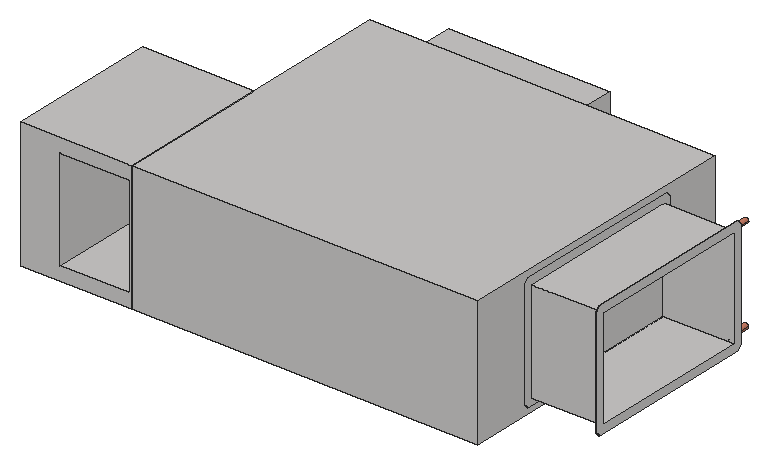
Revit family
Parameters
  Width = 3' - 1"
  Voltage = 277 V
  Unit Weight = if(and(Size Option = 1, Number of Rows = 1), "189.0 lbs", if(and(Size Option = 1, Number of Rows = 2), "192.0 lbs", if(and(Size Option = 2, Number of Rows = 1), "194.0 lbs", if(and(Size Option = 2, Number of Rows = 2), "197.0 lbs", "0"))))  # "189.0 lbs"
  UltraLoc Liner = Choose Liner Option = 3  # no
  URL = "http://www.titus-hvac.com/"
  UL = "181"
  Supply Air Flow [instance] = 0 CFM
  SteriLoc Liner = Choose Liner Option = 2  # no
  Size Option = 1
  Size C = Size Option = 2  # no
  Size B = Size Option = 1  # yes
  Secondary Material = Copper Connectors
  Primary Air Pressure Drop [instance] = 0.00 in-wg
  Primary Air Flow [instance] = 0 CFM
  Pressure [instance] = 0.00 psi
  Plenum Air Pressure Drop [instance] = 0.00 in-wg
  Plenum Air Flow [instance] = 0 CFM
  Outlet Width = 1' - 8 1/2"
  Outlet Height = 1' - 0 1/2"
  Number of Rows = 1
  Number of Poles = 1
  Nominal Width = Width + 0' 6 1/4"  # 3' - 7 1/4"
  Nominal Length = Length + 1' 1 7/8" + 0' 9"  # 5' - 5 7/8"
  Nominal Inlet Size = 0' - 10"
  Nominal Height = 1' - 4"
  NFPA = "90A"
  Motor Full Load Amps [instance] = 0.8 A
  Model = "DTFS-F"
  Min. Air Flow = 0 CFM
  Max. Air Flow = 1400 CFM
  Material = Galvanized Steel
  Manufacturer = "Titus"
  Length = 3' - 7"
  Juction Box Offset = 0' - 4 7/8"
  Inlet Diameter = Nominal Inlet Size - 0' 0 1/8"  # 0' - 9 7/8"
  Induced Air Inlet Width = 1' - 1 7/8"
  Induced Air Inlet Offset = (Height - Induced Air Inlet Connection Height) / 2  # 0' - 1 11/16"
  Induced Air Inlet Height = 1' - 7"
  Induced Air Inlet Connection Width = 0' - 8 3/4"
  Induced Air Inlet Connection Height = 1' - 0 5/8"
  Induced Air Filter = no
  Height = 1' - 4"
  Heating Total Capacity [instance] = 0 Btu/h
  Heating Entering Water Temp = 0 °F
  Half Outlet Connection Width = Outlet Width / 2  # 0' - 10 1/4"
  Half Outlet Connection Height = Outlet Height / 2  # 0' - 6 1/4"
  Half Height Start = -(Height / 2)  # -0' - 8"
  Half Height End = Height / 2  # 0' - 8"
  HWC Option = HWC Section : B-C - 1 Row
  HWC Connector Radius = 5/16"
  HP-Motor = "1/6"
  Gallons Per Minute [instance] = 0 GPM
  Frequency = 60 Hz
  Flange Offset = 0' - 1"
  Filter Size = "11\"x14\""
  Fiber Free Liner = Choose Liner Option = 1  # no
  Fan Disconnect Switch = no
  Duct Radius = Nominal Inlet Size / 2  # 0' - 5"
  Description = "Ultra Quiet Series Fan Powered Terminal Unit, Direct Digital Control, Pressure Independent"
  Connector Vertical Offset = 0' - 11 3/4"
  HWC Connector Length = 0' - 3"
  Connector Horizontal Offset = if(Number of Rows = 1, 0' 0", if(Number of Rows = 2, 0' 1", 0' 0"))  # 0' - 0"
  Connection Void Radius = Connection Radius - 0' 0 1/4"  # 0' - 4 11/16"
  Connection Radius = Inlet Diameter / 2  # 0' - 4 15/16"
  Choose Liner Option = 0
  CADworks URL = "www.CADworks.net"
  Assembly Code = "D3040100"
  Apparent Power [instance] = Voltage * Motor Full Load Amps  # 221.6 VA
  Air Inlet Offset = 0' - 7"
  1/2" Fiberglass Liner = Choose Liner Option = 0  # yes
  1" Fiberglass Liner = Choose Liner Option = 4  # no
Reference planes (in)
  plane 1 "Center (Front/Back)": y = 0
  plane 2: z = 0
  plane 3 "Center (Left/Right)": x = 3
  plane 4: x = -18.5
  plane 5: x = 24.5
  plane 6: x = -13.625
  plane 7: x = -21.875
  plane 8: z = 0
  plane 9: y = -18.5
  plane 10: y = 18.5
  plane 11: y = 11.5
  plane 12: z = 0
  plane 13: x = 33.5
  plane 14: x = 32.5
  plane 15: y = 13.25
  plane 16: y = 10.25
  plane 17: z = 5.875
  plane 18: z = -5.875
  plane 19: x = 32.5
  plane 20: z = 8
  plane 21: z = -8
  plane 22: y = 24.75
  plane 23: x = -32.375
Forms (in)
  Extrusion 1, solid, material "Galvanized Steel" <- "Material"
    sketch origin (0, 0, 0) x (1, 0, 0) y (0, 1, 0)
      loop
        line (-18.5, 18.5) -> (-18.5, -18.5) -> (24.5, -18.5) -> (24.5, 18.5) -> (-18.5, 18.5)
    from -8 <- "Half Height Start" to 8 <- "Half Height End"
  Extrusion 2, solid, material "Galvanized Steel" <- "Material"
    sketch origin (0, 0, 0) x (1, 0, 0) y (0, 1, 0)
      loop
        line (-32.375, 0.5) -> (-32.375, -18.5) -> (-18.5, -18.5) -> (-18.5, 0.5) -> (-32.375, 0.5)
    from -8 <- "Half Height Start" to 8 <- "Half Height End"
  Extrusion 3, void
    sketch origin (0, -18.5, 0) x (1, 0, 0) y (0, 0, -1)
      loop
        line (-18.75, 6.3125) -> (-27.5, 6.3125) -> (-27.5, -6.3125) -> (-18.75, -6.3125) -> (-18.75, 6.3125)
    from 0 to 16
  Extrusion 4, solid, material "Galvanized Steel" <- "Material"
    sketch origin (5, 0, 30) x (1, 0, 0) y (0, 1, 0)
      loop
        line (-18.625, 18.5) -> (1.375, 18.5) -> (1.375, 24.75) -> (-18.625, 24.75) -> (-18.625, 18.5)
    from -36 to -24
  Extrusion 5, solid, material "Galvanized Steel" <- "Material"
    sketch origin (-24.875, -2, 0) x (0, 0, -1) y (0, 1, 0)
      loop
        circle (0, 13.5) r 4.9375
    from 3 to 6.375
  Extrusion 6, void
    sketch origin (-24.875, 0, 0) x (0, 1, 0) y (0, 0, 1)
      loop
        circle (11.5, 0) r 4.6875
    from 3 to 11.25
  Extrusion 7, void, detail levels fine
    sketch origin (33.5, -10.25, 6.25) x (0, 0, 1) y (0, -1, 0)
      loop
        line (-12.5, 0) -> (-12.5, -20.5) -> (0, -20.5) -> (0, 0) -> (-12.5, 0)
    from -0.0625 to 0
  Extrusion 8, solid, material "Copper Connectors" <- "Secondary Material", detail levels fine
    sketch origin (0, 0, 0) x (1, 0, 0) y (0, 0, 1)
      loop
        circle (32.5, 5.875) r 0.3125
    from -13.25 to -10.3125
  Extrusion 9, solid, material "Copper Connectors" <- "Secondary Material", detail levels fine
    sketch origin (0, 0, 0) x (1, 0, 0) y (0, 0, 1)
      loop
        circle (32.5, -5.875) r 0.3125
    from -13.25 to -10.3125
Cuts and joins
  Extrusion 3 cuts Extrusion 2
  Extrusion 6 cuts Extrusion 1
  Extrusion 6 cuts Extrusion 5
Dimensions and locks (in)
  "Length": plane 5 to plane 4
  equal spacing: plane 5, plane 3 "Center (Left/Right)", plane 4
  locked: Extrusion 4 to plane 6 at 0
  locked: Extrusion 4 to Extrusion 4 at 20
  "Juction Box Offset": plane 6 to plane 4
  locked: plane 4 to plane 7 at 3.375
  "Width": plane 9 to plane 10
  equal spacing: plane 9, plane 1 "Center (Front/Back)", plane 10
  locked: Extrusion 5 sketch curve to level at 0
  locked: Extrusion 5 sketch curve to plane 11 at 0
  locked: Extrusion 6 sketch curve to level at 0
  locked: Extrusion 6 sketch curve to plane 11 at 0
  locked: Extrusion 4 to Extrusion 4 at 6.25
  locked: Extrusion 4 to Extrusion 4 at 12
  equal spacing: Extrusion 4, plane 8, Extrusion 4
  "Air Inlet Offset": plane 10 to plane 11
  "Induced Air Inlet Height": cut or joined group of Extrusion 2, Extrusion 3 to cut or joined group of Extrusion 2, Extrusion 3
  locked: cut or joined group of Extrusion 5, Extrusion 6 to cut or joined group of Extrusion 5, Extrusion 6 at 3.375
  "Induced Air Inlet Connection Height": Extrusion 3 sketch curve to Extrusion 3 sketch curve
  "Induced Air Inlet Offset": Extrusion 3 sketch curve to cut or joined group of Extrusion 2, Extrusion 3
  "Induced Air Inlet Connection Width": Extrusion 3 sketch curve to Extrusion 3 sketch curve
  locked: Extrusion 3 sketch curve to cut or joined group of Extrusion 1, Extrusion 6 at 0.25
  locked: plane 5 to plane 13 at 9
  locked: plane 14 to plane 13 at 1
  locked: plane 17 to plane 18 at 11.75
  equal spacing: plane 17, plane 12, plane 18
  "Connector Horizontal Offset": plane 19 to plane 14
  "HWC Connector Length": plane 16 to plane 15
  locked: cut or joined group of Extrusion 2, Extrusion 3 to cut or joined group of Extrusion 2, Extrusion 3 at 16
  equal spacing: cut or joined group of Extrusion 2, Extrusion 3, plane 12, cut or joined group of Extrusion 2, Extrusion 3
  locked: cut or joined group of Extrusion 1, Extrusion 6 to cut or joined group of Extrusion 2, Extrusion 3 at 16
  equal spacing: cut or joined group of Extrusion 1, Extrusion 6, plane 12, cut or joined group of Extrusion 1, Extrusion 6
  locked: cut or joined group of Extrusion 2, Extrusion 3 to cut or joined group of Extrusion 2, Extrusion 3 at 13.875
  locked: nested 1 to cut or joined group of Extrusion 1, Extrusion 6 at 1.6875
  locked: cut or joined group of Extrusion 1, Extrusion 6 to nested 1 at 1.6875
  "Connection Radius": radius of Extrusion 5 sketch curve
  "Connection Void Radius": radius of Extrusion 6 sketch curve
  "HWC Connector Radius": radius of Extrusion 8 sketch curve
  "HWC Connector Radius": radius of Extrusion 9 sketch curve
  aligned and locked: plane 10 to Extrusion 4
  aligned and locked: plane 7 to cut or joined group of Extrusion 5, Extrusion 6
  aligned and locked: plane 9 to cut or joined group of Extrusion 2, Extrusion 3  (x3)
  aligned and locked: nested 1 to Extrusion 8
  aligned and locked: plane 15 to Extrusion 8
  aligned and locked: nested 1 to Extrusion 9
  aligned and locked: plane 15 to Extrusion 9
  aligned and locked: plane 5 to cut or joined group of Extrusion 1, Extrusion 6
  aligned and locked: cut or joined group of Extrusion 1, Extrusion 6 to plane 10
  aligned and locked: plane 9 to cut or joined group of Extrusion 1, Extrusion 6
  aligned and locked: cut or joined group of Extrusion 1, Extrusion 6 to plane 4
  aligned and locked: cut or joined group of Extrusion 1, Extrusion 6 to nested 1
  aligned and locked: cut or joined group of Extrusion 5, Extrusion 6 to cut or joined group of Extrusion 1, Extrusion 6
  aligned and locked: cut or joined group of Extrusion 2, Extrusion 3 to cut or joined group of Extrusion 1, Extrusion 6
  aligned and locked: plane 6 to Extrusion 6
  aligned and locked: Extrusion 6 to plane 7
  aligned and locked: plane 22 to Extrusion 4
  aligned and locked: plane 23 to cut or joined group of Extrusion 2, Extrusion 3
  aligned and locked: plane 13 to nested 1
  aligned and locked: plane 20 to cut or joined group of Extrusion 2, Extrusion 3
  aligned and locked: plane 20 to cut or joined group of Extrusion 1, Extrusion 6
  aligned and locked: plane 21 to cut or joined group of Extrusion 2, Extrusion 3
  aligned and locked: plane 21 to cut or joined group of Extrusion 1, Extrusion 6
Automatic sketch dimensions
  Extrusion 1 sketch curve to plane 4 = 0' - 0"
  Extrusion 1 sketch curve to plane 5 = 0' - 0"
  Extrusion 1 sketch curve to plane 9 = 0' - 0"
  Extrusion 1 sketch curve to plane 10 = 0' - 0"
  Extrusion 2 sketch curve to plane 4 = 0' - 0"
  Extrusion 2 sketch curve to plane 9 = 0' - 0"
  Extrusion 2 sketch curve to plane 1 "Center (Front/Back)" = 0' - 0 1/2"
  Extrusion 4 sketch curve to plane 6 = 0' - 0"
  Extrusion 4 sketch curve to plane 10 = 0' - 0"
  plane 3 "Center (Left/Right)" to Extrusion 4 sketch curve = 0' - 3 3/8"
  Extrusion 4 sketch curve to plane 10 = 0' - 6 1/4"
  Extrusion 2 sketch curve to plane 7 = 0' - 10 1/2"
  Extrusion 7 sketch curve to nested 1 = 0' - 0"  (x4)
  Extrusion 8 sketch curve to plane 17 = 0' - 0"
  Extrusion 8 sketch curve to plane 19 = 0' - 0"
  Extrusion 9 sketch curve to plane 14 = 0' - 0"
  Extrusion 9 sketch curve to plane 18 = 0' - 0"
Nested families (in)
  nested 1: "HWC Section" at (29, 0, 0) x (0, 1, 0) z (0, 0, 1), type <- "HWC Option", type "B-C - 1 Row"
Connectors (in)
  electrical at (-3.625, 24.75, 0), driven by "Apparent Power", driven by "Voltage", driven by "Number of Poles"
    settings: on Extrusion 4, index 8
  hvac at (-21.875, 11.5, 0), driven by "Duct Radius", driven by "Primary Air Pressure Drop", driven by "Primary Air Flow"
    settings: on cut or joined group of Extrusion 5, Extrusion 6, index 9
  hvac at (-23.125, -18.5, 0), driven by "Induced Air Inlet Connection Height", driven by "Induced Air Inlet Connection Width", driven by "Plenum Air Pressure Drop", driven by "Plenum Air Flow"
    settings: on cut or joined group of Extrusion 2, Extrusion 3, index 10
  hvac at (33.5, 0, 0), driven by "Outlet Height", driven by "Outlet Width", driven by "Supply Air Flow"
    settings: on Extrusion 7, index 11
  piping at (32.5, 13.25, 5.875), driven by "Gallons Per Minute", driven by "Pressure", driven by "HWC Connector Radius"
    settings: on Extrusion 8, index 12
  piping at (32.5, 13.25, -5.875), driven by "Gallons Per Minute", driven by "HWC Connector Radius", driven by "Pressure"
    settings: on Extrusion 9, index 13
Definition of nested family "HWC Section"
  Parameters (values of type "B-C - 1 Row")
    Visibility = yes
    Secondary Material = Copper Connectors
    Number of Rows = 1
    Material = Galvanized Steel
    Half Width = HWC Width / 2  # 0' - 10 1/4"
    Half Length-Start = -(HWC Length / 2)  # -0' - 4 1/2"
    Half Length-End = HWC Length / 2  # 0' - 4 1/2"
    HWC Connection Radius = 5/16"
    Flange Offset = 0' - 1"
    Duct Vertical Offset = HWC Height - 0' 0 1/2"  # 1' - 0"
    Duct Horizontal Offset = HWC Width - 0' 0 1/2"  # 1' - 8"
    Connector Vertical Offset = 0' - 11 3/4"
    HWC Width = 1' - 8 1/2"
    HWC Height = 1' - 0 1/2"
    HWC Length = 0' - 9"  # constant formula
    Gallons Per Minute = 0 GPM
    Connector Length = 0' - 3"
    Connector Horizontal Offset = 0' - 0"
  Types (5): name | Number of Rows | Half Width | Flange Offset | Duct Vertical Offset | Duct Horizontal Offset | Connector Vertical Offset | HWC Width | HWC Height | Connector Horizontal Offset
    (no name) | 1 | 0' - 10 1/4" | 0' - 1" | 1' - 0" | 1' - 8" | 0' - 11 3/4" | 1' - 8 1/2" | 1' - 0 1/2" | 0' - 0"
    B-C - 1 Row | 1 | 0' - 10 1/4" | 0' - 1" | 1' - 0" | 1' - 8" | 0' - 11 3/4" | 1' - 8 1/2" | 1' - 0 1/2" | 0' - 0"
    B-C - 2 Row | 2 | 0' - 10 1/4" | 0' - 1" | 1' - 0" | 1' - 8" | 0' - 11 3/4" | 1' - 8 1/2" | 1' - 0 1/2" | 0' - 1"
    D-E - 1 Row | 1 | 1' - 0 1/2" | 0' - 1 1/4" | 1' - 5" | 2' - 0 1/2" | 1' - 4 1/4" | 2' - 1" | 1' - 5 1/2" | 0' - 0"
    D-E - 2 Row | 2 | 1' - 0 1/2" | 0' - 1 1/4" | 1' - 5" | 2' - 0 1/2" | 1' - 4 3/4" | 2' - 1" | 1' - 5 1/2" | 0' - 1"
  Reference planes (in)
    plane 1 "Center (Front/Back)": y = 0
    plane 2: z = 0
    plane 3 "Center (Left/Right)": x = 0
    plane 4: x = -10.25
    plane 5: x = 10.25
    plane 6: y = 4.5
    plane 7: y = -4.5
    plane 8: z = 6.25
    plane 9: z = -6.25
    plane 10: z = 5.875
    plane 11: z = -5.875
    plane 12: y = 3.5
    plane 13: y = 3.5
    plane 14: x = 13.25
  Forms (in)
    Extrusion 1, solid, material "Galvanized Steel" <- "Material", visible <- "Visibility"
      sketch origin (0, 0, 0) x (1, 0, 0) y (0, 0, 1)
        loop
          line (-10.3125, 6.3125) -> (-10.3125, -6.3125) -> (10.3125, -6.3125) -> (10.3125, 6.3125) -> (-10.3125, 6.3125)
      from -4.375 <- "Half Length-Start" to 4.5 <- "Half Length-End"
    Extrusion 2, void, detail levels fine
      sketch origin (0, 0, 0) x (1, 0, 0) y (0, 0, 1)
        loop
          line (-10.25, -6.25) -> (10.25, -6.25) -> (10.25, 6.25) -> (-10.25, 6.25) -> (-10.25, -6.25)
      from -4.5 <- "Half Length-Start" to 4.5 <- "Half Length-End"
    Extrusion 3, solid, material "Copper Connectors" <- "Secondary Material", visible <- "Visibility"
      sketch origin (6, 2.625, 0) x (0, 1, 0) y (0, 0, 1)
        loop
          circle (0.875, -5.875) r 0.3125
      from 4.3125 to 7.25
    Extrusion 4, solid, material "Galvanized Steel" <- "Material", visible <- "Visibility"
      sketch origin (0, -4.375, 0) x (1, 0, 0) y (0, 0, 1)
        loop
          line (-10.25, 6.25) -> (-10.25, -6.25) -> (10.25, -6.25) -> (10.25, 6.25) -> (-10.25, 6.25)
        loop
          line (-11.25, 6.75) -> (-11.25, -6.75) -> (-10.75, -7.25) -> (10.75, -7.25) -> (11.25, -6.75) -> (11.25, 6.75) -> (10.75, 7.25) -> (-10.75, 7.25) -> (-11.25, 6.75)
      from 0 to 0.125
    Extrusion 5, solid, material "Copper Connectors" <- "Secondary Material", visible <- "Visibility"
      sketch origin (6, -0.5, 0) x (0, 1, 0) y (0, 0, 1)
        loop
          circle (4, 5.875) r 0.3125
      from 4.3125 to 7.25
    Extrusion 6, solid, material "Galvanized Steel" <- "Material", visible <- "Visibility"
      sketch origin (0, 4.375, 0) x (1, 0, 0) y (0, 0, -1)
        loop
          line (-10.25, -6.25) -> (10.25, -6.25) -> (10.25, 6.25) -> (-10.25, 6.25) -> (-10.25, -6.25)
        loop
          line (-11.25, -6.75) -> (-10.75, -7.25) -> (10.75, -7.25) -> (11.25, -6.75) -> (11.25, 6.75) -> (10.75, 7.25) -> (-10.75, 7.25) -> (-11.25, 6.75) -> (-11.25, -6.75)
      from 0 to 0.125
  Cuts and joins
    Extrusion 2 cuts Extrusion 1
    joined: Extrusion 1, Extrusion 4, Extrusion 6
  Dimensions and locks (in)
    "HWC Width": plane 4 to plane 5
    equal spacing: plane 4, plane 3 "Center (Left/Right)", plane 5
    "HWC Height": plane 8 to plane 9
    equal spacing: plane 8, plane 2, plane 9
    equal spacing: plane 10, plane 2, plane 11
    locked: plane 12 to plane 6 at 1
    "Connector Horizontal Offset": plane 13 to plane 12
    locked: plane 7 to Extrusion 4 at 0.125
    locked: Extrusion 6 to plane 6 at 0.125
    locked: plane 4 to Extrusion 1 sketch curve at 0.0625
    locked: Extrusion 4 to Extrusion 1 sketch curve at 0.0625
    locked: Extrusion 1 sketch curve to plane 8 at 0.0625
    locked: plane 9 to Extrusion 1 sketch curve at 0.0625
    "Connector Length": plane 5 to plane 14
    "HWC Length": plane 6 to plane 7
    equal spacing: plane 6, plane 1 "Center (Front/Back)", plane 7
    "Connector Vertical Offset": plane 10 to plane 11
    equal spacing: plane 10, level, plane 11
    "HWC Width": Extrusion 4 sketch curve to Extrusion 4 sketch curve
    equal spacing: Extrusion 4 sketch curve, plane 3 "Center (Left/Right)", Extrusion 4 sketch curve
    "HWC Height": Extrusion 4 sketch curve to Extrusion 4 sketch curve
    equal spacing: Extrusion 4 sketch curve, plane 2, Extrusion 4 sketch curve
    "Flange Offset": cut or joined group of Extrusion 1, Extrusion 2, Extrusion 4, Extrusion 6 to plane 8
    "Flange Offset": plane 9 to cut or joined group of Extrusion 1, Extrusion 2, Extrusion 4, Extrusion 6
    locked: cut or joined group of Extrusion 1, Extrusion 2, Extrusion 4, Extrusion 6 to plane 4 at 1  (x2)
    locked: cut or joined group of Extrusion 1, Extrusion 2, Extrusion 4, Extrusion 6 to plane 5 at 1  (x2)
    "HWC Width": Extrusion 6 sketch curve to Extrusion 6 sketch curve
    "HWC Height": Extrusion 6 sketch curve to Extrusion 6 sketch curve
    equal spacing: Extrusion 6 sketch curve, plane 3 "Center (Left/Right)", Extrusion 6 sketch curve
    equal spacing: Extrusion 6 sketch curve, plane 2, Extrusion 6 sketch curve
    "HWC Height": Extrusion 2 sketch curve to Extrusion 2 sketch curve
    "HWC Width": Extrusion 2 sketch curve to Extrusion 2 sketch curve
    equal spacing: Extrusion 2 sketch curve, plane 3 "Center (Left/Right)", Extrusion 2 sketch curve
    equal spacing: Extrusion 2 sketch curve, plane 2, Extrusion 2 sketch curve
    locked: plane 5 to Extrusion 3 at 0.0625
    locked: plane 5 to Extrusion 5 at 0.0625
    "Flange Offset": Extrusion 6 sketch curve to plane 8  (x2)
    "Flange Offset": plane 9 to Extrusion 6 sketch curve  (x2)
    "HWC Connection Radius": radius of Extrusion 3 sketch curve
    "HWC Connection Radius": radius of Extrusion 5 sketch curve
    aligned and locked: plane 7 to Extrusion 4
    aligned and locked: plane 6 to Extrusion 6
    aligned and locked: plane 14 to Extrusion 5
    aligned and locked: plane 14 to Extrusion 3
    aligned and locked: Extrusion 6 to cut or joined group of Extrusion 1, Extrusion 2, Extrusion 4, Extrusion 6
    aligned and locked: Extrusion 4 to Extrusion 4
  Automatic sketch dimensions
    Extrusion 3 sketch curve to plane 11 = 0' - 0"
    Extrusion 3 sketch curve to plane 12 = 0' - 0"
    plane 4 to Extrusion 4 sketch curve = 0' - 1"
    plane 4 to Extrusion 4 sketch curve = 0' - 0 1/2"  (x2)
    Extrusion 4 sketch curve to plane 5 = 0' - 0 1/2"  (x2)
    Extrusion 4 sketch curve to Extrusion 4 sketch curve = 0' - 0 1/2"  (x3)
    Extrusion 4 sketch curve to plane 9 = 0' - 0 1/2"  (x2)
    plane 8 to Extrusion 4 sketch curve = 0' - 0 1/2"  (x2)
    Extrusion 5 sketch curve to plane 10 = 0' - 0"
    Extrusion 5 sketch curve to plane 13 = 0' - 0"
    plane 4 to Extrusion 6 sketch curve = 0' - 1"
    plane 4 to Extrusion 6 sketch curve = 0' - 0 1/2"  (x2)
    Extrusion 6 sketch curve to plane 5 = 0' - 0 1/2"  (x2)
    Extrusion 6 sketch curve to Extrusion 6 sketch curve = 0' - 0 1/2"  (x2)
    plane 8 to Extrusion 6 sketch curve = 0' - 0 1/2"  (x2)
    Extrusion 6 sketch curve to plane 9 = 0' - 0 1/2"
